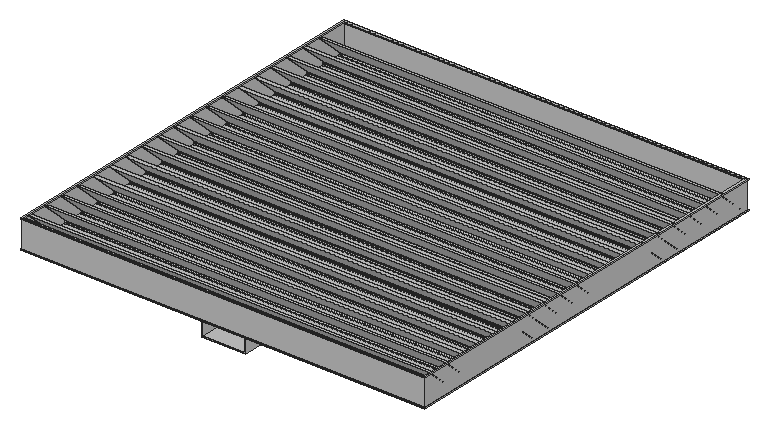
Revit family "Louver-Channel_Frame-Carnes-Rectangular-Motorized_Damper_FPJB", category Air Terminals, host Face, Revit 2012
Parameters (values of type "(See Type Catalog)")
  ecoScorecard_data = ""
  ecoScorecard Product Page = "http://ecoscorecard.com/"
  URL = "http://www.carnes.com/index.html"
  Subcategory = "Louvers and Dampers"
  Specifications  URL = "http://www.carnes.com/Louvers/pdf/17122.pdf"
  Product Page URL = "http://www.carnes.com/Louvers/FPJB-FTJB.htm"
  Product Line = "Combination Louver / Damper"
  Pressure Drop = 0.00 Pa
  Point of Water Penetration = 1250 FPM
  Outside Width = Louver Width Control + 1/4" * 2  # 60 1/2"
  Outside Height = Louver Height Control + 1/4" * 2  # 60 1/2"
  Model = "FPJB"
  Minimum Size = "12\"W x 12\"H"
  Meets Building Code Standards = "Licensed to bear the AMCA seal"
  Maximum Vertical Size = "60\"W x 120\"H"
  Maximum Size Note = "Factory assembled multi-section max: 96”w x 120”h. Larger sizes are field assembled. Drainable blade louvers should be limited to 10’ maximum section widths (no more than 10’ between vertical downspouts) to enable the drainable design to function effectively."
  Maximum Horinzontal Size = "60\"W x 120\"H"
  Manufacturer = "Carnes Company"
  Louver Width Control = if(Louver Width < 12", 12", if(Louver Width > 60", 60", Louver Width))  # 60"
  Louver Height Control = if(Louver Height < 12", 12", if(Louver Height > 120", 120", Louver Height))  # 60"
  Free Area Note = "See Spec Sheet URL"
  Free Area = 0.00 SF
  Description = "Combination Louver / Damper"
  Connector Description 1 = "Duct Connetor"
  Blades Quantity [instance] = (Louver Height Control - (Blade Offset from Frame - 3/4")) / 3"  # 19
  Manufacturer Phone = "608-845-6411"
  Manufacturer Fax = "608-845-6470"
  Manufacturer Email = "mailto:carnes@carnes.com"
  Manufacturer Address = "448 S. Main St., P. O. Box 930040, Verona, WI 53593-0040"
  Louver Width = 60"
  Louver Length = 6 1/2"
  Louver Height = 60"
  Blades Length [instance] = Louver Length - 2 1/4" - (1/8" * 2)  # 4"
  Frame Material = Aluminum - Carnes - Extruded
  Default Elevation = 48"
  Cost Info = "mailto:carnes@carnes.com"
  Catalog URL = "http://www.carnes.com/Louvers/pdf/f36-37.pdf"
  Symbol Blades Quantity = Louver Width / 3"  # 20
  Blade Offset from Frame [instance] = 3"
  Blade Material = Aluminum - Carnes - Extruded
  Assembly Code = "D3090700"
  Airflow = 0 CFM
  95 CSI = "10200"
  04 CSI = "08 91 00"
Reference planes (in)
  plane 1 "Center (Elevation)": y = 0
  plane 2: z = 0
  plane 3 "Center (Left/Right)": x = 0
  plane 4 "Void Reference": z = -4.25
  plane 5: z = -0.125
  plane 6: z = -4.125
  plane 7: z = -2.125
  plane 8: x = -30
  plane 9: x = 30
  plane 10: x = -30.25
  plane 11: x = 30.25
  plane 12: y = 30
  plane 13: y = -30
  plane 14 "Top": y = 30.25
  plane 15: y = -30.25
  plane 16 "Blade CL": y = 27.25
  plane 17: z = -6.5
Forms (in)
  Extrusion 1, solid, material "Aluminum - Carnes - Extruded" <- "Frame Material"
    sketch origin (0, 0, 0) x (1, 0, 0) y (0, 1, 0)
      loop
        line (-30.25, 30.25) -> (-30.25, -30.25) -> (30.25, -30.25) -> (30.25, 30.25) -> (-30.25, 30.25)
      loop
        line (-30, 30) -> (-30, -30) -> (30, -30) -> (30, 30) -> (-30, 30)
    from -0.125 to 0
  Extrusion 2, solid, material "Aluminum - Carnes - Extruded" <- "Frame Material"
    sketch origin (0, 0, 0) x (1, 0, 0) y (0, 1, 0)
      loop
        line (-30.25, 30.25) -> (-30.25, -30.25) -> (30.25, -30.25) -> (30.25, 30.25) -> (-30.25, 30.25)
      loop
        line (-30, 30) -> (-30, -30) -> (30, -30) -> (30, 30) -> (-30, 30)
    from -4.25 to -4.125
  Extrusion 3, solid, material "Aluminum - Carnes - Extruded" <- "Frame Material"
    sketch origin (0, 0, 0) x (1, 0, 0) y (0, 1, 0)
      loop
        line (-30, 30) -> (-30, -30) -> (30, -30) -> (30, 30) -> (-30, 30)
      loop
        line (-30.125, 30.125) -> (-30.125, -30.125) -> (30.125, -30.125) -> (30.125, 30.125) -> (-30.125, 30.125)
    from -4.125 to -0.125
  Sweep 4, solid, material "Aluminum - Carnes - Extruded" <- "Frame Material"
    path origin (0, 0, 0) x (0, 1, 0) y (0, 0, 1)
      loop
        line (30, -4.125) -> (-30, -4.125)
    profile origin (0, 0, -4.125) x (0, 0, -1) y (1, 0, 0)
      loop
        line (0.125, 3.26175) -> (0.125, 3.14457) -> (2.25781, 3.14457) -> (2.25781, -3.14457) -> (0.125, -3.14457) -> (0.125, -3.26175) -> (2.375, -3.26175) -> (2.375, 3.26175) -> (0.125, 3.26175)
Cuts and joins
  joined: Extrusion 2, Sweep 4
Lines and regions (in)
  Masking region 1, detail levels coarse
    outline origin (0, 0, 0) x (1, 0, 0) y (0, 0, 1)
      loop
        line (30.25, 0) -> (-30.25, 0) -> (-30.25, -4.25) -> (30.25, -4.25) -> (30.25, 0)
  Masking region 2, detail levels medium+fine
    outline origin (0, 0, 0) x (1, 0, 0) y (0, 0, 1)
      loop
        line (30.25, 0) -> (-30.25, 0) -> (-30.25, -0.125) -> (-30.125, -0.125) -> (-30.125, -4.125) -> (-30.25, -4.125) -> (-30.25, -4.25) -> (30.25, -4.25) -> (30.25, -4.125) -> (30.125, -4.125) -> (30.125, -0.125) -> (30.25, -0.125) -> (30.25, 0)
  symbolic lines, detail levels fine
    curve 1: line (30.125, 0, -0.125) -> (-30.125, 0, -0.125)
    curve 2: line (30.125, 0, -4.125) -> (-30.125, 0, -4.125)
  symbolic lines
    curve 3: line (30, 30.25, -0.1875) -> (29.48208, 30.25, -0.1875)
    curve 4: line (29.48208, 30.25, -0.1875) -> (28.92651, 30.25, -2.125)
    curve 5: line (28.92651, 30.25, -2.125) -> (28.37094, 30.25, -4.0625)
    curve 6: line (27, 30.25, -0.1875) -> (26.48208, 30.25, -0.1875)
    curve 7: line (26.48208, 30.25, -0.1875) -> (25.92651, 30.25, -2.125)
    curve 8: line (25.92651, 30.25, -2.125) -> (25.37094, 30.25, -4.0625)
    curve 9: line (24, 30.25, -0.1875) -> (23.48208, 30.25, -0.1875)
    curve 10: line (23.48208, 30.25, -0.1875) -> (22.92651, 30.25, -2.125)
    curve 11: line (22.92651, 30.25, -2.125) -> (22.37094, 30.25, -4.0625)
    curve 12: line (21, 30.25, -0.1875) -> (20.48208, 30.25, -0.1875)
    curve 13: line (20.48208, 30.25, -0.1875) -> (19.92651, 30.25, -2.125)
    curve 14: line (19.92651, 30.25, -2.125) -> (19.37094, 30.25, -4.0625)
    curve 15: line (18, 30.25, -0.1875) -> (17.48208, 30.25, -0.1875)
    curve 16: line (17.48208, 30.25, -0.1875) -> (16.92651, 30.25, -2.125)
    curve 17: line (16.92651, 30.25, -2.125) -> (16.37094, 30.25, -4.0625)
    curve 18: line (15, 30.25, -0.1875) -> (14.48208, 30.25, -0.1875)
    curve 19: line (14.48208, 30.25, -0.1875) -> (13.92651, 30.25, -2.125)
    curve 20: line (13.92651, 30.25, -2.125) -> (13.37094, 30.25, -4.0625)
    curve 21: line (12, 30.25, -0.1875) -> (11.48208, 30.25, -0.1875)
    curve 22: line (11.48208, 30.25, -0.1875) -> (10.92651, 30.25, -2.125)
    curve 23: line (10.92651, 30.25, -2.125) -> (10.37094, 30.25, -4.0625)
    curve 24: line (9, 30.25, -0.1875) -> (8.48208, 30.25, -0.1875)
    curve 25: line (8.48208, 30.25, -0.1875) -> (7.92651, 30.25, -2.125)
    curve 26: line (7.92651, 30.25, -2.125) -> (7.37094, 30.25, -4.0625)
    curve 27: line (6, 30.25, -0.1875) -> (5.48208, 30.25, -0.1875)
    curve 28: line (5.48208, 30.25, -0.1875) -> (4.92651, 30.25, -2.125)
    curve 29: line (4.92651, 30.25, -2.125) -> (4.37094, 30.25, -4.0625)
    curve 30: line (3, 30.25, -0.1875) -> (2.48208, 30.25, -0.1875)
    curve 31: line (2.48208, 30.25, -0.1875) -> (1.92651, 30.25, -2.125)
    curve 32: line (1.92651, 30.25, -2.125) -> (1.37094, 30.25, -4.0625)
    curve 33: line (0, 30.25, -0.1875) -> (-0.51792, 30.25, -0.1875)
    curve 34: line (-0.51792, 30.25, -0.1875) -> (-1.07349, 30.25, -2.125)
    curve 35: line (-1.07349, 30.25, -2.125) -> (-1.62906, 30.25, -4.0625)
    curve 36: line (-3, 30.25, -0.1875) -> (-3.51792, 30.25, -0.1875)
    curve 37: line (-3.51792, 30.25, -0.1875) -> (-4.07349, 30.25, -2.125)
    curve 38: line (-4.07349, 30.25, -2.125) -> (-4.62906, 30.25, -4.0625)
    curve 39: line (-6, 30.25, -0.1875) -> (-6.51792, 30.25, -0.1875)
    curve 40: line (-6.51792, 30.25, -0.1875) -> (-7.07349, 30.25, -2.125)
    curve 41: line (-7.07349, 30.25, -2.125) -> (-7.62906, 30.25, -4.0625)
    curve 42: line (-9, 30.25, -0.1875) -> (-9.51792, 30.25, -0.1875)
    curve 43: line (-9.51792, 30.25, -0.1875) -> (-10.07349, 30.25, -2.125)
    curve 44: line (-10.07349, 30.25, -2.125) -> (-10.62906, 30.25, -4.0625)
    curve 45: line (-12, 30.25, -0.1875) -> (-12.51792, 30.25, -0.1875)
    curve 46: line (-12.51792, 30.25, -0.1875) -> (-13.07349, 30.25, -2.125)
    curve 47: line (-13.07349, 30.25, -2.125) -> (-13.62906, 30.25, -4.0625)
    curve 48: line (-15, 30.25, -0.1875) -> (-15.51792, 30.25, -0.1875)
    curve 49: line (-15.51792, 30.25, -0.1875) -> (-16.07349, 30.25, -2.125)
    curve 50: line (-16.07349, 30.25, -2.125) -> (-16.62906, 30.25, -4.0625)
    curve 51: line (-18, 30.25, -0.1875) -> (-18.51792, 30.25, -0.1875)
    curve 52: line (-18.51792, 30.25, -0.1875) -> (-19.07349, 30.25, -2.125)
    curve 53: line (-19.07349, 30.25, -2.125) -> (-19.62906, 30.25, -4.0625)
    curve 54: line (-21, 30.25, -0.1875) -> (-21.51792, 30.25, -0.1875)
    curve 55: line (-21.51792, 30.25, -0.1875) -> (-22.07349, 30.25, -2.125)
    curve 56: line (-22.07349, 30.25, -2.125) -> (-22.62906, 30.25, -4.0625)
    curve 57: line (-24, 30.25, -0.1875) -> (-24.51792, 30.25, -0.1875)
    curve 58: line (-24.51792, 30.25, -0.1875) -> (-25.07349, 30.25, -2.125)
    curve 59: line (-25.07349, 30.25, -2.125) -> (-25.62906, 30.25, -4.0625)
    curve 60: line (-27, 30.25, -0.1875) -> (-27.51792, 30.25, -0.1875)
    curve 61: line (-27.51792, 30.25, -0.1875) -> (-28.07349, 30.25, -2.125)
    curve 62: line (-28.07349, 30.25, -2.125) -> (-28.62906, 30.25, -4.0625)
    curve 63: line (28.37094, 0, -4.0625) -> (27.87094, 0, -4.0625)
    curve 64: line (25.37094, 0, -4.0625) -> (24.87094, 0, -4.0625)
    curve 65: line (22.37094, 0, -4.0625) -> (21.87094, 0, -4.0625)
    curve 66: line (19.37094, 0, -4.0625) -> (18.87094, 0, -4.0625)
    curve 67: line (16.37094, 0, -4.0625) -> (15.87094, 0, -4.0625)
    curve 68: line (13.37094, 0, -4.0625) -> (12.87094, 0, -4.0625)
    curve 69: line (10.37094, 0, -4.0625) -> (9.87094, 0, -4.0625)
    curve 70: line (7.37094, 0, -4.0625) -> (6.87094, 0, -4.0625)
    curve 71: line (4.37094, 0, -4.0625) -> (3.87094, 0, -4.0625)
    curve 72: line (1.37094, 0, -4.0625) -> (0.87094, 0, -4.0625)
    curve 73: line (-1.62906, 0, -4.0625) -> (-2.12906, 0, -4.0625)
    curve 74: line (-4.62906, 0, -4.0625) -> (-5.12906, 0, -4.0625)
    curve 75: line (-7.62906, 0, -4.0625) -> (-8.12906, 0, -4.0625)
    curve 76: line (-10.62906, 0, -4.0625) -> (-11.12906, 0, -4.0625)
    curve 77: line (-13.62906, 0, -4.0625) -> (-14.12906, 0, -4.0625)
    curve 78: line (-16.62906, 0, -4.0625) -> (-17.12906, 0, -4.0625)
    curve 79: line (-19.62906, 0, -4.0625) -> (-20.12906, 0, -4.0625)
    curve 80: line (-22.62906, 0, -4.0625) -> (-23.12906, 0, -4.0625)
    curve 81: line (-25.62906, 0, -4.0625) -> (-26.12906, 0, -4.0625)
    curve 82: line (-28.62906, 0, -4.0625) -> (-29.12906, 0, -4.0625)
    curve 83: line (30, 0, -2.125) -> (-30, 0, -2.125)
Dimensions and locks (in)
  equal spacing: plane 15, plane 1 "Center (Elevation)", plane 14 "Top"
  locked: plane 2 to plane 5 at 0.125
  locked: plane 6 to plane 4 "Void Reference" at 0.125
  "Louver Length": plane 2 to plane 17
  equal spacing: plane 5, plane 7, plane 6
  "Blade Offset from Frame": plane 14 "Top" to plane 16 "Blade CL"
  equal spacing: group 1, group 2, group 3, group 4, group 5, group 6, group 7, group 8, group 9, group 10, group 11, group 12, group 13, group 14, group 15, group 16, group 17, group 18, group 19  (x2)
  equal spacing: group 19, group 18, group 17, group 16, group 15, group 14, group 13, group 12, group 11, group 10, group 9, group 8, group 7, group 6, group 5, group 4, group 3, group 2, group 1
  locked: nested 1 to nested 2 at 3.015
  "Outside Height": plane 14 "Top" to plane 15
  equal spacing: plane 8, plane 3 "Center (Left/Right)", plane 9
  "Louver Width": plane 8 to plane 9
  equal spacing: plane 10, plane 3 "Center (Left/Right)", plane 11
  "Outside Width": plane 10 to plane 11
  equal spacing: plane 13, plane 1 "Center (Elevation)", plane 12
  "Louver Height": plane 13 to plane 12
  equal spacing: Sweep 4 sketch curve, plane 3 "Center (Left/Right)", Sweep 4 sketch curve
  locked: Sweep 4 sketch curve to Sweep 4 sketch curve at 0.11719  (x2)
  locked: plane 17 to Sweep 4 sketch curve at 0.11719
  locked: curve 3 to plane 5 at 0.0625
  equal spacing: group 40, group 39, group 38, group 37, group 36, group 35, group 34, group 33, group 32, group 31, group 30, group 29, group 28, group 27, group 26, group 25, group 24, group 23, group 22, group 21
  equal spacing: group 21, group 22, group 23, group 24, group 25, group 26, group 27, group 28, group 29, group 30, group 31, group 32, group 33, group 34, group 35, group 36, group 37, group 38, group 39, group 40  (x2)
  locked: curve 5 to curve 8 at 3
  locked: plane 6 to curve 63 at 0.0625
  locked: curve 63 to plane 9 at 2.12906
  aligned and locked: plane 2 to host face
  aligned and locked: host face to level
  aligned and locked: plane 10 to Extrusion 1 sketch curve
  aligned and locked: Extrusion 1 sketch curve to plane 14 "Top"
  aligned and locked: plane 15 to Extrusion 1 sketch curve
  aligned and locked: plane 11 to Extrusion 1 sketch curve
  aligned and locked: plane 8 to Extrusion 1 sketch curve
  aligned and locked: Extrusion 1 sketch curve to plane 12
  aligned and locked: plane 13 to Extrusion 1 sketch curve
  aligned and locked: plane 9 to Extrusion 1 sketch curve
  aligned and locked: Extrusion 1 to plane 5
  aligned and locked: plane 2 to Extrusion 1
  aligned and locked: Extrusion 2 sketch curve to Extrusion 1  (x6)
  aligned and locked: Extrusion 1 to Extrusion 2 sketch curve  (x2)
  aligned and locked: plane 6 to Extrusion 2
  aligned and locked: Extrusion 2 to plane 4 "Void Reference"
  aligned and locked: plane 8 to Extrusion 3 sketch curve
  aligned and locked: Extrusion 3 sketch curve to Extrusion 1  (x3)
  aligned and locked: plane 5 to Extrusion 3
  aligned and locked: Extrusion 3 to plane 6
  aligned and locked: plane 7 to nested 1
  aligned and locked: nested 1 to plane 16 "Blade CL"
  aligned and locked: plane 11 to Masking region 1 sketch curve
  aligned and locked: Masking region 1 sketch curve to plane 2
  aligned and locked: plane 4 "Void Reference" to Masking region 1 sketch curve
  aligned and locked: plane 10 to Masking region 1 sketch curve
  aligned and locked: Masking region 2 sketch curve to level
  aligned and locked: Masking region 2 sketch curve to plane 11  (x2)
  aligned and locked: plane 5 to Masking region 2 sketch curve  (x2)
  aligned and locked: Masking region 2 sketch curve to Extrusion 3  (x2)
  aligned and locked: plane 6 to Masking region 2 sketch curve  (x2)
  aligned and locked: plane 4 "Void Reference" to Masking region 2 sketch curve
  aligned and locked: Masking region 2 sketch curve to plane 10  (x2)
  aligned and locked: Extrusion 3 to curve 1  (x2)
  aligned and locked: curve 1 to plane 5
  aligned and locked: Extrusion 3 to curve 2  (x2)
  aligned and locked: curve 2 to plane 6
  aligned and locked: Sweep 4 sketch curve to plane 6
  aligned and locked: Sweep 4 sketch curve to plane 4 "Void Reference"  (x2)
  aligned and locked: plane 12 to Sweep 4 sketch curve
  aligned and locked: plane 13 to Sweep 4 sketch curve
  aligned and locked: plane 9 to curve 3
  aligned and locked: plane 9 to curve 83
  aligned and locked: plane 8 to curve 83
  aligned and locked: curve 83 to plane 7
Automatic sketch dimensions
  Extrusion 3 sketch curve to plane 8 = 1/8"
  Extrusion 3 sketch curve to plane 9 = 1/8"
  plane 13 to Extrusion 3 sketch curve = 1/8"
  plane 12 to Extrusion 3 sketch curve = 1/8"
  host sketch curve to host sketch curve = 99.68666"
  host sketch curve to host sketch curve = 132.46062"
  Sweep 4 sketch curve to Sweep 4 sketch curve = 15/128"
  Sweep 4 sketch curve to plane 3 "Center (Left/Right)" = 3.14457"
  curve 3 to curve 4 = 0.51792"
  curve 3 to curve 5 = 0.55557"
  curve 5 to curve 5 = 1 15/16"
  curve 5 to curve 4 = 1 15/16"
  curve 6 to curve 7 = 0.51792"
  curve 6 to curve 8 = 0.55557"
  curve 8 to curve 8 = 1 15/16"
  curve 8 to curve 7 = 1 15/16"
  curve 9 to curve 10 = 0.51792"
  curve 9 to curve 11 = 0.55557"
  curve 11 to curve 11 = 1 15/16"
  curve 11 to curve 10 = 1 15/16"
  curve 12 to curve 13 = 0.51792"
  curve 12 to curve 14 = 0.55557"
  curve 14 to curve 14 = 1 15/16"
  curve 14 to curve 13 = 1 15/16"
  curve 15 to curve 16 = 0.51792"
  curve 15 to curve 17 = 0.55557"
  curve 17 to curve 17 = 1 15/16"
  curve 17 to curve 16 = 1 15/16"
  curve 18 to curve 19 = 0.51792"
  curve 18 to curve 20 = 0.55557"
  curve 20 to curve 20 = 1 15/16"
  curve 20 to curve 19 = 1 15/16"
  curve 21 to curve 22 = 0.51792"
  curve 21 to curve 23 = 0.55557"
  curve 23 to curve 23 = 1 15/16"
  curve 23 to curve 22 = 1 15/16"
  curve 24 to curve 25 = 0.51792"
  curve 24 to curve 26 = 0.55557"
  curve 26 to curve 26 = 1 15/16"
  curve 26 to curve 25 = 1 15/16"
  curve 27 to curve 28 = 0.51792"
  curve 27 to curve 29 = 0.55557"
  curve 29 to curve 29 = 1 15/16"
  curve 29 to curve 28 = 1 15/16"
  curve 30 to curve 31 = 0.51792"
  curve 30 to curve 32 = 0.55557"
  curve 32 to curve 32 = 1 15/16"
  curve 32 to curve 31 = 1 15/16"
  curve 33 to curve 34 = 0.51792"
  curve 33 to curve 35 = 0.55557"
  curve 35 to curve 35 = 1 15/16"
  curve 35 to curve 34 = 1 15/16"
  curve 36 to curve 37 = 0.51792"
  curve 36 to curve 38 = 0.55557"
  curve 38 to curve 38 = 1 15/16"
  curve 38 to curve 37 = 1 15/16"
  curve 39 to curve 40 = 0.51792"
  curve 39 to curve 41 = 0.55557"
  curve 41 to curve 41 = 1 15/16"
  curve 41 to curve 40 = 1 15/16"
  curve 42 to curve 43 = 0.51792"
  curve 42 to curve 44 = 0.55557"
  curve 44 to curve 44 = 1 15/16"
  curve 44 to curve 43 = 1 15/16"
  curve 45 to curve 46 = 0.51792"
  curve 45 to curve 47 = 0.55557"
  curve 47 to curve 47 = 1 15/16"
  curve 47 to curve 46 = 1 15/16"
  curve 48 to curve 49 = 0.51792"
  curve 48 to curve 50 = 0.55557"
  curve 50 to curve 50 = 1 15/16"
  curve 50 to curve 49 = 1 15/16"
  curve 51 to curve 52 = 0.51792"
  curve 51 to curve 53 = 0.55557"
  curve 53 to curve 53 = 1 15/16"
  curve 53 to curve 52 = 1 15/16"
  curve 54 to curve 55 = 0.51792"
  curve 54 to curve 56 = 0.55557"
  curve 56 to curve 56 = 1 15/16"
  curve 56 to curve 55 = 1 15/16"
  curve 57 to curve 58 = 0.51792"
  curve 57 to curve 59 = 0.55557"
  curve 59 to curve 59 = 1 15/16"
  curve 59 to curve 58 = 1 15/16"
  curve 60 to curve 61 = 0.51792"
  curve 60 to curve 62 = 0.55557"
  curve 62 to curve 62 = 1 15/16"
  curve 62 to curve 61 = 1 15/16"
  curve 4 to curve 5 = 0.55557"
  curve 63 to curve 63 = 1/2"
  curve 7 to curve 8 = 0.55557"
  curve 64 to curve 64 = 1/2"
  curve 10 to curve 11 = 0.55557"
  curve 65 to curve 65 = 1/2"
  curve 13 to curve 14 = 0.55557"
  curve 66 to curve 66 = 1/2"
  curve 16 to curve 17 = 0.55557"
  curve 67 to curve 67 = 1/2"
  curve 19 to curve 20 = 0.55557"
  curve 68 to curve 68 = 1/2"
  curve 22 to curve 23 = 0.55557"
  curve 69 to curve 69 = 1/2"
  curve 25 to curve 26 = 0.55557"
  curve 70 to curve 70 = 1/2"
  curve 28 to curve 29 = 0.55557"
  curve 71 to curve 71 = 1/2"
  curve 31 to curve 32 = 0.55557"
  curve 72 to curve 72 = 1/2"
  curve 34 to curve 35 = 0.55557"
  curve 73 to curve 73 = 1/2"
  curve 37 to curve 38 = 0.55557"
  curve 74 to curve 74 = 1/2"
  curve 40 to curve 41 = 0.55557"
  curve 75 to curve 75 = 1/2"
  curve 43 to curve 44 = 0.55557"
  curve 76 to curve 76 = 1/2"
  curve 46 to curve 47 = 0.55557"
  curve 77 to curve 77 = 1/2"
  curve 49 to curve 50 = 0.55557"
  curve 78 to curve 78 = 1/2"
  curve 52 to curve 53 = 0.55557"
  curve 79 to curve 79 = 1/2"
  curve 55 to curve 56 = 0.55557"
  curve 80 to curve 80 = 1/2"
  curve 58 to curve 59 = 0.55557"
  curve 81 to curve 81 = 1/2"
  curve 61 to curve 62 = 0.55557"
  curve 82 to curve 82 = 1/2"
Nested families (in)
  nested 1: "Louver-Combination_Blade-Carnes" at (0, 27.25, -2.125), type "Standard"
  nested 2: "Louver-Combination_Blade-Carnes" at (0, 24.235, -2.125), type "Standard"
  nested 3: "Louver-Combination_Blade-Carnes" at (0, 21.22, -2.125), type "Standard"
  nested 4: "Louver-Combination_Blade-Carnes" at (0, 18.205, -2.125), type "Standard"
  nested 5: "Louver-Combination_Blade-Carnes" at (0, 15.19, -2.125), type "Standard"
  nested 6: "Louver-Combination_Blade-Carnes" at (0, 12.175, -2.125), type "Standard"
  nested 7: "Louver-Combination_Blade-Carnes" at (0, 9.16, -2.125), type "Standard"
  nested 8: "Louver-Combination_Blade-Carnes" at (0, 6.145, -2.125), type "Standard"
  nested 9: "Louver-Combination_Blade-Carnes" at (0, 3.13, -2.125), type "Standard"
  nested 10: "Louver-Combination_Blade-Carnes" at (0, 0.115, -2.125), type "Standard"
  nested 11: "Louver-Combination_Blade-Carnes" at (0, -2.9, -2.125), type "Standard"
  nested 12: "Louver-Combination_Blade-Carnes" at (0, -5.915, -2.125), type "Standard"
  nested 13: "Louver-Combination_Blade-Carnes" at (0, -8.93, -2.125), type "Standard"
  nested 14: "Louver-Combination_Blade-Carnes" at (0, -11.945, -2.125), type "Standard"
  nested 15: "Louver-Combination_Blade-Carnes" at (0, -14.96, -2.125), type "Standard"
  nested 16: "Louver-Combination_Blade-Carnes" at (0, -17.975, -2.125), type "Standard"
  nested 17: "Louver-Combination_Blade-Carnes" at (0, -20.99, -2.125), type "Standard"
  nested 18: "Louver-Combination_Blade-Carnes" at (0, -24.005, -2.125), type "Standard"
  nested 19: "Louver-Combination_Blade-Carnes" at (0, -27.02, -2.125), type "Standard"
Connectors (in)
  hvac at (0, 0, -4.25), driven by "Louver Height Control", driven by "Louver Width Control", driven by "Connector Description 1", driven by "Airflow", driven by "Pressure Drop"
    settings: on Extrusion 2, index 1, duct flow 0 CFM, flow factor 0, pres drop 0.00 Pa, loss coef 0, conn angle 0.00°, conn width 60", conn height 60", conn radius 12", duct sys type 29, conn prof type 1, flow config 0, flow direction 0, loss method 4, conn ref index -1, conn util no, is conn primary yes, conn desc "Duct Connetor"
Definition of nested family "Louver-Combination_Blade-Carnes"
  Parameters (values of type "Standard")
    Width = 60"
    Blade Material = Aluminum - Carnes - Extruded
    Length = 4"
    Assembly Code = ""
  Reference planes (in)
    plane 1 "Center (Front/Back)": y = 0
    plane 2: z = 0
    plane 3 "Center (Left/Right)": x = 0
    plane 4: y = 2
    plane 5: y = -2
    plane 6: z = 2
    plane 7: z = -2
    plane 8: x = -30
    plane 9: x = 30
  Forms (in)
    Sweep 1, solid, material "Aluminum - Carnes - Extruded" <- "Blade Material"
      path origin (0, 0, 0) x (1, 0, 0) y (0, 1, 0)
        loop
          line (-30, 0) -> (30, 0)
      profile origin (0, 0, 0) x (0, 1, 0) y (0, 0, 1)
        loop
          line (2, -2) -> (2, -1.62972) -> (-1.84086, 1.9375) -> (-1.5, 1.9375) -> (-1.5, 2) -> (-2, 2) -> (1.9375, -1.65697) -> (1.9375, -2) -> (2, -2)
    Sweep 2, solid, material "Aluminum - Carnes - Extruded" <- "Blade Material"
      path origin (0, 0, 0) x (1, 0, 0) y (0, 1, 0)
        loop
          line (-30, 2) -> (30, 2)
      profile origin (0, 2, 0) x (0, 1, 0) y (0, 0, 1)
        loop
          arc (-0.23437, -1.65697) -> (-0.34431, -1.69672) -> (-0.40339, -1.79759) r 0.17187
          line (-0.40339, -1.79759) -> (-3, -1.79759) -> (-3, -1.86009) -> (-0.40339, -1.86009)
          arc (-0.40339, -1.86009) -> (-0.21868, -2) -> (-0.0625, -1.82884) r 0.17187
          line (-0.0625, -1.82884) -> (-0.0625, -1.65697) -> (-0.23437, -1.65697)
        loop
          circle (-0.23437, -1.82884) r 0.113
  Dimensions and locks (in)
    equal spacing: plane 4, plane 1 "Center (Front/Back)", plane 5
    locked: plane 4 to plane 5 at 4
    equal spacing: plane 7, plane 2, plane 6
    "Length": plane 7 to plane 6
    equal spacing: plane 8, plane 3 "Center (Left/Right)", plane 9
    "Width": plane 8 to plane 9
    locked: Sweep 1 sketch curve to Sweep 1 sketch curve at 0.0625  (x2)
    locked: plane 4 to Sweep 2 sketch curve at 3
    locked: Sweep 1 sketch curve to plane 6 at 0.0625
    aligned and locked: plane 1 "Center (Front/Back)" to Sweep 1 sketch curve
    aligned and locked: plane 8 to Sweep 1 sketch curve
    aligned and locked: plane 9 to Sweep 1 sketch curve
    aligned and locked: plane 4 to Sweep 1 sketch curve
    aligned and locked: plane 8 to Sweep 2 sketch curve
    aligned and locked: plane 9 to Sweep 2 sketch curve
    aligned and locked: plane 4 to Sweep 2 sketch curve
    aligned and locked: plane 6 to Sweep 1 sketch curve
  Automatic sketch dimensions
    Sweep 2 sketch curve to Sweep 2 sketch curve = 0"  (x5)
    Sweep 2 sketch curve to level = 1.79759"
    profile plane to Sweep 2 sketch curve = 0.40339"
    Sweep 2 sketch curve to Sweep 2 sketch curve = 0.16901"
    profile plane to Sweep 2 sketch curve = 1/16"
    Sweep 2 sketch curve to Sweep 2 sketch curve = 1/32"
    profile plane to Sweep 1 sketch curve = 1 1/2"
    Sweep 1 sketch curve to Sweep 1 sketch curve = 0.34086"
    Sweep 1 sketch curve to Sweep 1 sketch curve = 0.34303"
    Sweep 1 sketch curve to Sweep 1 sketch curve = 0.02725"
    radius of Sweep 2 sketch curve = 0.113"
